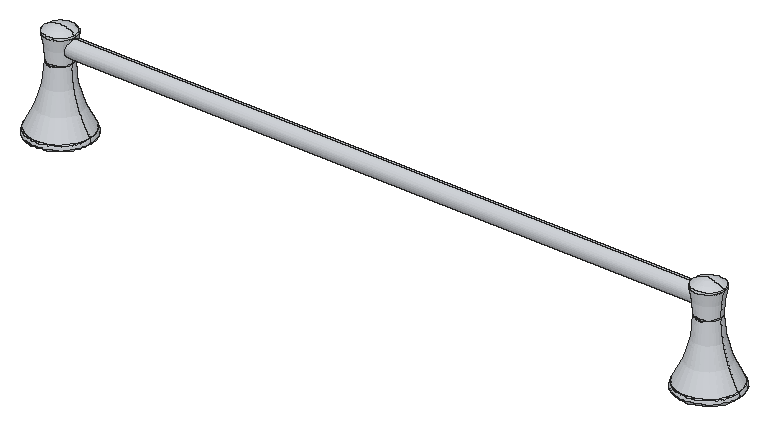
Revit family "Accessory-Towel_Bar-KOHLER-Coralais-K-13431", category Generic Models, host Face, Revit 2015
Parameters (values of type "CP-Polished Chrome")
  Width = 3 159/256"  # constant formula
  URL = "https://www.us.kohler.com/us/"
  Type = 1
  Product Page URL = "http://www.us.kohler.com/us/catalog/productDetails.jsp?productNumber=13431"
  Product Name = "Coralais"  # constant formula
  Product Documentation Link = "http://www.us.kohler.com/onlinecatalog/pdf/K-13431_spec.pdf"
  Model = if(Type = 1, "K-13431-CP", if(Type = 2, "K-13431-G", if(Type = 3, "K-13431-BN", "NA")))  # "K-13431-CP"
  Material = "Premium metal construction"  # constant formula
  MasterFormat 2004 = "10.28.13"  # constant formula
  MasterFormat 1995 = "10820"  # constant formula
  Manufacturer Address = "444 Highland Dr, Kohler, WI 53044"  # constant formula
  Manufacturer = "KOHLER Co."  # constant formula
  Length = 26 67/256"  # constant formula
  Height = 2 31/128"  # constant formula
  Finish = Kohler-Metal-CP-Polished_Chrome
  Environmental Product Declaration = ""
  Description = "Coralais® 24 Inch towel bar"  # constant formula
  Default Elevation = 42"
  Declare Label = ""
  Date Modified = "12/05/2017"  # constant formula
  Date Created = "12/05/2017"  # constant formula
  Copyright = "Copyright KOHLER Co."  # constant formula
  Contact Us = "https://www.us.kohler.com/us/static/contact.jsp"
  Assembly Code = "C1030200"
  ADA = yes
Types (4): name | Type | Model | Finish
  (no name) | 1 | "K-13431-CP" | Kohler-Metal-CP-Polished_Chrome
  CP-Polished Chrome | 1 | "K-13431-CP" | Kohler-Metal-CP-Polished_Chrome
  G-Brushed Chrome | 2 | "K-13431-G" | Kohler-Metal-G-Brushed_Chrome
  BN-Vibrant Brushed Nickel | 3 | "K-13431-BN" | Kohler-Metal-BN-Vibrant_Brushed_Nickel
Reference planes (in)
  plane 1 "Center (Front/Back)": y = 0
  plane 2: z = 0
  plane 3 "Center (Left/Right)": x = 0
  plane 4: x = -13.13086
  plane 5: x = 13.13086
  plane 6: y = 1.12109
  plane 7: y = -1.12109
  plane 8: z = 3.62109
Dimensions and locks (in)
  equal spacing: plane 4, plane 3 "Center (Left/Right)", plane 5
  "Length": plane 4 to plane 5
  equal spacing: plane 6, plane 1 "Center (Front/Back)", plane 7
  "Height": plane 6 to plane 7
  "Width": plane 8 to plane 2
  aligned and locked: plane 2 to host face
  aligned and locked: level to host face
Automatic sketch dimensions
  host sketch curve to host sketch curve = 96"  (x2)
Nested families (in)
  nested 1: "K-13431" at (0, 0, 0), type "K-13431"
Definition of nested family "K-13431"
  Parameters (values of type "K-13431")
    Material = none
    Half Distance = Center Distance / 2  # 12"
    Center Distance = 24"
  Reference planes (in)
    plane 1 "Center (Front/Back)": y = 0
    plane 2: z = 0
    plane 3 "Center (Left/Right)": x = 0
  Forms (in)
    Revolve 1, solid, material <- "Material"
      sketch origin (0, 0, 0) x (1, 0, 0) y (0, 0, 1)
        loop
          line (-12, 0) -> (-12, 3.59968)
          arc (-12, 3.59968) -> (-12.29293, 3.53546) -> (-12.55301, 3.38616) r 0.98617
          arc (-12.55301, 3.38616) -> (-12.56686, 3.36635) -> (-12.56774, 3.3422) r 0.0427
          arc (-12.56774, 3.3422) -> (-12.48155, 2.88907) -> (-12.45267, 2.42872) r 3.68357
          arc (-12.45267, 2.42872) -> (-12.44361, 2.40586) -> (-12.42133, 2.39543) r 0.03334
          arc (-12.42133, 2.39543) -> (-12.43905, 2.39236) -> (-12.45241, 2.38033) r 0.03248
          arc (-12.45241, 2.38033) -> (-12.61657, 1.24072) -> (-13.09571, 0.19378) r 4.03767
          line (-13.09571, 0.19378) -> (-13.04716, 0.17013) -> (-13.09008, 0.17013)
          arc (-13.09008, 0.17013) -> (-13.10663, 0.16525) -> (-13.11788, 0.15218) r 0.0305
          arc (-13.11788, 0.15218) -> (-13.13993, 0.08806) -> (-13.14982, 0.02098) r 0.36724
          arc (-13.14982, 0.02098) -> (-13.1444, 0.00621) -> (-13.12995, 0) r 0.0199
          line (-13.12995, 0) -> (-12, 0)
        axis (-12, 3.59968) -> (-12, 0)
      angle from 0 to 360
    Revolve 2, solid, material <- "Material"
      sketch origin (0, 0, 0) x (-1, 0, 0) y (0, 0, 1)
        loop
          line (-12, 0) -> (-12, 3.59968)
          arc (-12, 3.59968) -> (-12.29293, 3.53546) -> (-12.55301, 3.38616) r 0.98617
          arc (-12.55301, 3.38616) -> (-12.56686, 3.36635) -> (-12.56774, 3.3422) r 0.0427
          arc (-12.56774, 3.3422) -> (-12.48155, 2.88907) -> (-12.45267, 2.42872) r 3.68357
          arc (-12.45267, 2.42872) -> (-12.44361, 2.40586) -> (-12.42133, 2.39543) r 0.03334
          arc (-12.42133, 2.39543) -> (-12.43905, 2.39236) -> (-12.45241, 2.38033) r 0.03248
          arc (-12.45241, 2.38033) -> (-12.61657, 1.24072) -> (-13.09571, 0.19378) r 4.03767
          line (-13.09571, 0.19378) -> (-13.04716, 0.17013) -> (-13.09008, 0.17013)
          arc (-13.09008, 0.17013) -> (-13.10663, 0.16525) -> (-13.11788, 0.15218) r 0.0305
          arc (-13.11788, 0.15218) -> (-13.13993, 0.08806) -> (-13.14982, 0.02098) r 0.36724
          arc (-13.14982, 0.02098) -> (-13.1444, 0.00621) -> (-13.12995, 0) r 0.0199
          line (-13.12995, 0) -> (-12, 0)
        axis (-12, 3.59968) -> (-12, 0)
      angle from 0 to 360
    Revolve 3, solid, material <- "Material"
      sketch origin (0, 0, 0) x (1, 0, 0) y (0, 0, 1)
        loop
          line (-12, 2.96022) -> (12, 2.96022) -> (12, 3.27245) -> (-12, 3.27245) -> (-12, 2.96022)
        axis (-12, 2.96022) -> (12, 2.96022)
      angle from 0 to 360
  Cuts and joins
    joined: Revolve 1, Revolve 2, Revolve 3
  Lines and regions (in)
    Masking region 1
      outline origin (0, 0, 0) x (0, 1, 0) y (0, 0, 1)
        loop
          line (0, 0) -> (1.12995, 0)
          arc (1.12995, 0) -> (1.1444, 0.00621) -> (1.14982, 0.02098) r 0.0199
          arc (1.14982, 0.02098) -> (1.13993, 0.08806) -> (1.11788, 0.15218) r 0.36724
          arc (1.11788, 0.15218) -> (1.10663, 0.16525) -> (1.09008, 0.17013) r 0.0305
          line (1.09008, 0.17013) -> (1.04716, 0.17013) -> (1.09571, 0.19378)
          arc (1.09571, 0.19378) -> (0.61657, 1.24072) -> (0.45241, 2.38033) r 4.03767
          arc (0.45241, 2.38033) -> (0.43905, 2.39236) -> (0.42133, 2.39543) r 0.03248
          arc (0.42133, 2.39543) -> (0.44361, 2.40586) -> (0.45267, 2.42872) r 0.03334
          arc (0.45267, 2.42872) -> (0.48155, 2.88907) -> (0.56774, 3.3422) r 3.68357
          arc (0.56774, 3.3422) -> (0.56686, 3.36635) -> (0.55301, 3.38616) r 0.0427
          arc (0.55301, 3.38616) -> (0.29293, 3.53546) -> (0, 3.59968) r 0.98617
          arc (0, 3.59968) -> (-0.29293, 3.53546) -> (-0.55301, 3.38616) r 0.98617
          arc (-0.55301, 3.38616) -> (-0.56686, 3.36635) -> (-0.56774, 3.3422) r 0.0427
          arc (-0.56774, 3.3422) -> (-0.48155, 2.88907) -> (-0.45267, 2.42872) r 3.68357
          arc (-0.45267, 2.42872) -> (-0.44361, 2.40586) -> (-0.42133, 2.39543) r 0.03334
          arc (-0.42133, 2.39543) -> (-0.43905, 2.39236) -> (-0.45241, 2.38033) r 0.03248
          arc (-0.45241, 2.38033) -> (-0.61657, 1.24072) -> (-1.09571, 0.19378) r 4.03767
          line (-1.09571, 0.19378) -> (-1.04716, 0.17013) -> (-1.09008, 0.17013)
          arc (-1.09008, 0.17013) -> (-1.10663, 0.16525) -> (-1.11788, 0.15218) r 0.0305
          arc (-1.11788, 0.15218) -> (-1.13993, 0.08806) -> (-1.14982, 0.02098) r 0.36724
          arc (-1.14982, 0.02098) -> (-1.1444, 0.00621) -> (-1.12995, 0) r 0.0199
          line (-1.12995, 0) -> (0, 0)
    Masking region 2
      outline origin (0, 0, 0) x (1, 0, 0) y (0, 1, 0)
        loop
          arc (-10.89114, 0.31248) -> (-13.15205, 0) -> (-10.89114, -0.31248) r 1.15205
          line (-10.89114, -0.31248) -> (0, -0.31248) -> (10.89114, -0.31248)
          arc (10.89114, -0.31248) -> (13.15205, 0) -> (10.89114, 0.31248) r 1.15205
          line (10.89114, 0.31248) -> (0, 0.31248) -> (-10.89114, 0.31248)
    Masking region 3
      outline origin (0, 0, 0) x (1, 0, 0) y (0, 0, 1)
        loop
          line (12, 0) -> (13.12995, 0)
          arc (13.12995, 0) -> (13.1444, 0.00621) -> (13.14982, 0.02098) r 0.0199
          arc (13.14982, 0.02098) -> (13.13993, 0.08806) -> (13.11788, 0.15218) r 0.36724
          arc (13.11788, 0.15218) -> (13.10663, 0.16525) -> (13.09008, 0.17013) r 0.0305
          line (13.09008, 0.17013) -> (13.04716, 0.17013) -> (13.09571, 0.19378)
          arc (13.09571, 0.19378) -> (12.61657, 1.24072) -> (12.45241, 2.38033) r 4.03767
          arc (12.45241, 2.38033) -> (12.43905, 2.39236) -> (12.42133, 2.39543) r 0.03248
          arc (12.42133, 2.39543) -> (12.44361, 2.40586) -> (12.45267, 2.42872) r 0.03334
          arc (12.45267, 2.42872) -> (12.48155, 2.88907) -> (12.56774, 3.3422) r 3.68357
          arc (12.56774, 3.3422) -> (12.56686, 3.36635) -> (12.55301, 3.38616) r 0.0427
          arc (12.55301, 3.38616) -> (12.29293, 3.53546) -> (12, 3.59968) r 0.98617
          arc (12, 3.59968) -> (11.70707, 3.53546) -> (11.44699, 3.38616) r 0.98617
          arc (11.44699, 3.38616) -> (11.43314, 3.36635) -> (11.43226, 3.3422) r 0.0427
          arc (11.43226, 3.3422) -> (11.441, 3.30737) -> (11.44939, 3.27245) r 3.68357
          line (11.44939, 3.27245) -> (-11.44939, 3.27245)
          arc (-11.44939, 3.27245) -> (-11.441, 3.30737) -> (-11.43226, 3.3422) r 3.68357
          arc (-11.43226, 3.3422) -> (-11.43314, 3.36635) -> (-11.44699, 3.38616) r 0.0427
          arc (-11.44699, 3.38616) -> (-11.70707, 3.53546) -> (-12, 3.59968) r 0.98617
          arc (-12, 3.59968) -> (-12.29293, 3.53546) -> (-12.55301, 3.38616) r 0.98617
          arc (-12.55301, 3.38616) -> (-12.56686, 3.36635) -> (-12.56774, 3.3422) r 0.0427
          arc (-12.56774, 3.3422) -> (-12.48155, 2.88907) -> (-12.45267, 2.42872) r 3.68357
          arc (-12.45267, 2.42872) -> (-12.44361, 2.40586) -> (-12.42133, 2.39543) r 0.03334
          arc (-12.42133, 2.39543) -> (-12.43905, 2.39236) -> (-12.45241, 2.38033) r 0.03248
          arc (-12.45241, 2.38033) -> (-12.61657, 1.24072) -> (-13.09571, 0.19378) r 4.03767
          line (-13.09571, 0.19378) -> (-13.04716, 0.17013) -> (-13.09008, 0.17013)
          arc (-13.09008, 0.17013) -> (-13.10663, 0.16525) -> (-13.11788, 0.15218) r 0.0305
          arc (-13.11788, 0.15218) -> (-13.13993, 0.08806) -> (-13.14982, 0.02098) r 0.36724
          arc (-13.14982, 0.02098) -> (-13.1444, 0.00621) -> (-13.12995, 0) r 0.0199
          line (-13.12995, 0) -> (-12, 0) -> (-10.87005, 0)
          arc (-10.87005, 0) -> (-10.8556, 0.00621) -> (-10.85018, 0.02098) r 0.0199
          arc (-10.85018, 0.02098) -> (-10.86007, 0.08806) -> (-10.88212, 0.15218) r 0.36724
          arc (-10.88212, 0.15218) -> (-10.89337, 0.16525) -> (-10.90992, 0.17013) r 0.0305
          line (-10.90992, 0.17013) -> (-10.95284, 0.17013) -> (-10.90429, 0.19378)
          arc (-10.90429, 0.19378) -> (-11.38343, 1.24072) -> (-11.54759, 2.38033) r 4.03767
          arc (-11.54759, 2.38033) -> (-11.56095, 2.39236) -> (-11.57867, 2.39543) r 0.03248
          arc (-11.57867, 2.39543) -> (-11.55639, 2.40586) -> (-11.54733, 2.42872) r 0.03334
          arc (-11.54733, 2.42872) -> (-11.54569, 2.53841) -> (-11.54079, 2.648) r 3.68357
          line (-11.54079, 2.648) -> (11.54079, 2.648)
          arc (11.54079, 2.648) -> (11.54569, 2.53841) -> (11.54733, 2.42872) r 3.68357
          arc (11.54733, 2.42872) -> (11.55639, 2.40586) -> (11.57867, 2.39543) r 0.03334
          arc (11.57867, 2.39543) -> (11.56095, 2.39236) -> (11.54759, 2.38033) r 0.03248
          arc (11.54759, 2.38033) -> (11.38343, 1.24072) -> (10.90429, 0.19378) r 4.03767
          line (10.90429, 0.19378) -> (10.95284, 0.17013) -> (10.90992, 0.17013)
          arc (10.90992, 0.17013) -> (10.89337, 0.16525) -> (10.88212, 0.15218) r 0.0305
          arc (10.88212, 0.15218) -> (10.86007, 0.08806) -> (10.85018, 0.02098) r 0.36724
          arc (10.85018, 0.02098) -> (10.8556, 0.00621) -> (10.87005, 0) r 0.0199
          line (10.87005, 0) -> (12, 0)
    symbolic lines, detail levels medium+fine
      curve 1: line (-11.54079, 0, 2.648) -> (-11.44939, 0, 3.27245)
      curve 2: line (11.44939, 0, 3.27245) -> (11.54079, 0, 2.648)
      curve 3: line (11.57867, 0, 2.39543) -> (12.42133, 0, 2.39543)
      curve 4: line (13.09008, 0, 0.17013) -> (10.90992, 0, 0.17013)
      curve 5: line (-11.57867, 0, 2.39543) -> (-12.42133, 0, 2.39543)
      curve 6: line (-13.09008, 0, 0.17013) -> (-10.90992, 0, 0.17013)
      curve 7: line (0, 0, 0.17013) -> (0, 1.09008, 0.17013)
      curve 8: line (0, -1.09008, 0.17013) -> (0, 0, 0.17013)
      curve 9: line (0, 0.42133, 2.39543) -> (0, -0.42133, 2.39543)
      curve 10: arc (-13.09571, 0, 0) -> (-12.15809, -1.08425, 0) -> (-10.94991, -0.31287, 0) r 1.09571
      curve 11: arc (13.09571, 0, 0) -> (12.15796, 1.08427, 0) -> (10.94983, 0.31262, 0) r 1.09571
      curve 12: arc (-10.95015, 0.31368, 0) -> (-12.15851, 1.08419, 0) -> (-13.09571, 0, 0) r 1.09571
      curve 13: arc (10.94982, -0.31257, 0) -> (12.15793, -1.08427, 0) -> (13.09571, 0, 0) r 1.09571
      curve 14: circle (-12, 0, 0) r 0.57437 normal (0, 0, 1)
      curve 15: circle (12, 0, 0) r 0.57035 normal (0, 0, 1)
      curve 16: line (-10.64463, 0.31368, 0) -> (-11.51885, 0.31368, 0)
      curve 17: line (-10.51833, -0.31287, 0) -> (-11.51833, -0.31287, 0)
      curve 18: line (10.18983, -0.31257, 0) -> (11.52292, -0.31257, 0)
      curve 19: line (10.23189, 0.31262, 0) -> (11.52295, 0.31262, 0)
  Dimensions and locks (in)
    equal spacing: Revolve 3 sketch curve, plane 3 "Center (Left/Right)", Revolve 3 sketch curve
    "Center Distance": Revolve 3 sketch curve to Revolve 3 sketch curve
    "Half Distance": plane 3 "Center (Left/Right)" to Revolve 1 sketch curve
    "Half Distance": Revolve 2 sketch curve to plane 3 "Center (Left/Right)"
    "Half Distance": curve 10 to plane 3 "Center (Left/Right)"
    "Half Distance": plane 3 "Center (Left/Right)" to curve 13
    "Center Distance": Masking region 2 sketch curve to curve 15
    equal spacing: Masking region 2 sketch curve, plane 3 "Center (Left/Right)", Masking region 2 sketch curve
    aligned and locked: plane 2 to level
  Automatic sketch dimensions
    Revolve 2 sketch curve to level = 0"  (x2)
    Revolve 2 sketch curve to level = 2.38033"
    Revolve 2 sketch curve to Revolve 2 sketch curve = 0.35383"
    Revolve 2 sketch curve to level = 0.0199"
    Revolve 2 sketch curve to Revolve 2 sketch curve = 3.0063"
    Revolve 2 sketch curve to level = 0.19378"
    Revolve 2 sketch curve to Revolve 2 sketch curve = 0.03423"
    Revolve 2 sketch curve to Revolve 2 sketch curve = 0.00564"
    Revolve 2 sketch curve to Revolve 2 sketch curve = 0.04292"
    Revolve 2 sketch curve to level = 0.00118"
    Revolve 2 sketch curve to Revolve 2 sketch curve = 0.26404"
    Revolve 2 sketch curve to Revolve 2 sketch curve = 0.07396"
    Revolve 2 sketch curve to Revolve 2 sketch curve = 0.02756"
    Revolve 2 sketch curve to Revolve 2 sketch curve = 0.03308"
    Revolve 2 sketch curve to Revolve 2 sketch curve = 0.78312"
    Revolve 2 sketch curve to Revolve 2 sketch curve = 0.48161"
    Revolve 2 sketch curve to Revolve 2 sketch curve = 0.05414"
    Revolve 2 sketch curve to Revolve 2 sketch curve = 0.02364"
    Revolve 2 sketch curve to Revolve 2 sketch curve = 0.01718"
    Revolve 2 sketch curve to Revolve 2 sketch curve = 0.04838"
    Revolve 2 sketch curve to Revolve 2 sketch curve = 0.18676"
    Revolve 2 sketch curve to Revolve 2 sketch curve = 0.92408"
    Revolve 2 sketch curve to Revolve 2 sketch curve = 0.24689"
    Revolve 2 sketch curve to Revolve 2 sketch curve = 0"  (x4)
    Revolve 2 sketch curve to Revolve 2 sketch curve = 0.04137"
    Revolve 2 sketch curve to Revolve 2 sketch curve = 0.89496"
    Revolve 1 sketch curve to level = 0"  (x2)
    Revolve 1 sketch curve to Revolve 1 sketch curve = 0.41933"
    Revolve 1 sketch curve to Revolve 1 sketch curve = 0.00552"
    Revolve 1 sketch curve to Revolve 1 sketch curve = 0.52637"
    level to Revolve 1 sketch curve = 0.00118"
    Revolve 1 sketch curve to Revolve 1 sketch curve = 0.78312"
    level to Revolve 1 sketch curve = 0.17013"
    Revolve 1 sketch curve to Revolve 1 sketch curve = 0.26404"
    Revolve 1 sketch curve to Revolve 1 sketch curve = 0.04292"
    level to Revolve 1 sketch curve = 0.19378"
    Revolve 1 sketch curve to Revolve 1 sketch curve = 0.00564"
    Revolve 1 sketch curve to Revolve 1 sketch curve = 0.03987"
    Revolve 1 sketch curve to Revolve 1 sketch curve = 3.71139"
    Revolve 1 sketch curve to Revolve 1 sketch curve = 0.35383"
    Revolve 1 sketch curve to Revolve 1 sketch curve = 0.48161"
    Revolve 1 sketch curve to Revolve 1 sketch curve = 0.0199"
    Revolve 1 sketch curve to Revolve 1 sketch curve = 0.0305"
    Revolve 1 sketch curve to Revolve 1 sketch curve = 2.16937"
    level to Revolve 1 sketch curve = 2.38033"
    Revolve 1 sketch curve to Revolve 1 sketch curve = 0.04838"
    Revolve 1 sketch curve to Revolve 1 sketch curve = 0.18676"
    Revolve 1 sketch curve to Revolve 1 sketch curve = 0.92408"
    Revolve 1 sketch curve to Revolve 1 sketch curve = 0.24689"
    Revolve 1 sketch curve to Revolve 1 sketch curve = 0.00352"
    Revolve 1 sketch curve to Revolve 1 sketch curve = 0"  (x4)
    Revolve 1 sketch curve to level = 0.89496"
    level to Revolve 3 sketch curve = 2.96022"
    Revolve 3 sketch curve to Revolve 3 sketch curve = 0.31223"
    Revolve 3 sketch curve to Revolve 3 sketch curve = 0"  (x2)
    Revolve 3 sketch curve to Revolve 3 sketch curve = 2 1/2"
    Masking region 1 sketch curve to level = 0"
    Masking region 1 sketch curve to plane 1 "Center (Front/Back)" = 0"  (x2)
    plane 1 "Center (Front/Back)" to Masking region 1 sketch curve = 0.06228"
    Masking region 1 sketch curve to Masking region 1 sketch curve = 0.35706"  (x2)
    Masking region 1 sketch curve to Masking region 1 sketch curve = 0.00552"  (x2)
    plane 1 "Center (Front/Back)" to Masking region 1 sketch curve = 0.52637"
    level to Masking region 1 sketch curve = 0.00118"  (x2)
    plane 1 "Center (Front/Back)" to Masking region 1 sketch curve = 0.78312"
    Masking region 1 sketch curve to Masking region 1 sketch curve = 0.26404"  (x2)
    Masking region 1 sketch curve to Masking region 1 sketch curve = 0.04292"  (x2)
    level to Masking region 1 sketch curve = 0.19378"  (x2)
    Masking region 1 sketch curve to Masking region 1 sketch curve = 0.00564"  (x2)
    level to Masking region 1 sketch curve = 0.0199"  (x2)
    Masking region 1 sketch curve to Masking region 1 sketch curve = 0.03987"  (x2)
    Masking region 1 sketch curve to Masking region 1 sketch curve = 3.71139"  (x2)
    Masking region 1 sketch curve to Masking region 1 sketch curve = 0.35383"  (x2)
    Masking region 1 sketch curve to plane 1 "Center (Front/Back)" = 0.06228"
    Masking region 1 sketch curve to plane 1 "Center (Front/Back)" = 0.52637"
    Masking region 1 sketch curve to plane 1 "Center (Front/Back)" = 0.78312"
    Masking region 1 sketch curve to Masking region 1 sketch curve = 0.05414"  (x2)
    Masking region 1 sketch curve to Masking region 1 sketch curve = 0.0305"  (x2)
    Masking region 1 sketch curve to Masking region 1 sketch curve = 2.16937"
    Masking region 1 sketch curve to Masking region 1 sketch curve = 0"  (x8)
    level to Masking region 1 sketch curve = 2.38033"  (x2)
    Masking region 1 sketch curve to Masking region 1 sketch curve = 0.04838"  (x2)
    Masking region 1 sketch curve to Masking region 1 sketch curve = 0.18676"
    Masking region 1 sketch curve to Masking region 1 sketch curve = 0.73732"  (x2)
    Masking region 1 sketch curve to Masking region 1 sketch curve = 0.00352"  (x2)
    Masking region 1 sketch curve to Masking region 1 sketch curve = 0.02664"
    curve 8 to plane 1 "Center (Front/Back)" = 0"
    level to curve 8 = 0.17013"
    plane 1 "Center (Front/Back)" to curve 9 = 0.42133"
    plane 1 "Center (Front/Back)" to curve 8 = 1.09008"
    curve 9 to plane 1 "Center (Front/Back)" = 0.42133"
    curve 7 to curve 7 = 1.09008"
    curve 7 to curve 9 = 2.2253"
    plane 1 "Center (Front/Back)" to Masking region 2 sketch curve = 0"  (x2)
    Masking region 2 sketch curve to plane 3 "Center (Left/Right)" = 0"  (x2)
    plane 1 "Center (Front/Back)" to Masking region 2 sketch curve = 5/16"
    Masking region 2 sketch curve to plane 1 "Center (Front/Back)" = 5/16"
    Masking region 2 sketch curve to Masking region 2 sketch curve = 1.10886"  (x2)
    curve 10 to curve 12 = 0"
    curve 10 to curve 14 = 0"
    curve 11 to curve 13 = 0"
    curve 11 to curve 15 = 0"  (x2)
    curve 12 to curve 14 = 0"
    plane 1 "Center (Front/Back)" to curve 10 = 0"
    plane 1 "Center (Front/Back)" to curve 13 = 0"
    curve 12 to curve 10 = 1.09571"
    curve 10 to curve 16 = 0.48115"
    plane 1 "Center (Front/Back)" to curve 17 = 0.31287"
    curve 17 to curve 10 = 0.56842"
    curve 12 to curve 16 = 0.30552"
    curve 10 to curve 17 = 0.43158"
    plane 1 "Center (Front/Back)" to curve 18 = 0.31257"
    curve 18 to curve 13 = 1.81017"
    curve 19 to plane 1 "Center (Front/Back)" = 0.31262"
    curve 18 to curve 19 = 0.04206"
    curve 18 to curve 13 = 0.75999"
    curve 19 to curve 11 = 0.47705"
    Masking region 3 sketch curve to Masking region 3 sketch curve = 0"  (x22)
    Masking region 3 sketch curve to level = 0"  (x2)
    Masking region 3 sketch curve to plane 3 "Center (Left/Right)" = 16.49008"
    Masking region 3 sketch curve to Masking region 3 sketch curve = 0.35383"  (x4)
    level to Masking region 3 sketch curve = 0.19378"  (x4)
    Masking region 3 sketch curve to Masking region 3 sketch curve = 0.03423"  (x2)
    Masking region 3 sketch curve to Masking region 3 sketch curve = 0.00564"  (x4)
    level to Masking region 3 sketch curve = 0.17013"  (x3)
    Masking region 3 sketch curve to Masking region 3 sketch curve = 0.04292"  (x4)
    level to Masking region 3 sketch curve = 0.00118"  (x4)
    Masking region 3 sketch curve to Masking region 3 sketch curve = 0.26404"  (x4)
    Masking region 3 sketch curve to Masking region 3 sketch curve = 0.07396"
    Masking region 3 sketch curve to Masking region 3 sketch curve = 0.02756"  (x2)
    Masking region 3 sketch curve to Masking region 3 sketch curve = 0.03308"  (x2)
    Masking region 3 sketch curve to Masking region 3 sketch curve = 0.35706"  (x3)
    Masking region 3 sketch curve to Masking region 3 sketch curve = 0.78312"  (x4)
    Masking region 3 sketch curve to Masking region 3 sketch curve = 0.12455"  (x2)
    Masking region 3 sketch curve to Masking region 3 sketch curve = 0.00552"  (x2)
    Masking region 3 sketch curve to Masking region 3 sketch curve = 0.4641"  (x2)
    Masking region 3 sketch curve to Masking region 3 sketch curve = 0.03987"  (x2)
    level to Masking region 3 sketch curve = 2.38033"  (x3)
    plane 3 "Center (Left/Right)" to Masking region 3 sketch curve = 7.50992"
    Masking region 3 sketch curve to Masking region 3 sketch curve = 3.0063"
    Masking region 3 sketch curve to Masking region 3 sketch curve = 0.09819"
    Masking region 3 sketch curve to Masking region 3 sketch curve = 0.02423"  (x2)
    Masking region 3 sketch curve to Masking region 3 sketch curve = 0.0068"
    Masking region 3 sketch curve to Masking region 3 sketch curve = 0.39693"
    level to Masking region 3 sketch curve = 0.0199"  (x3)
    Masking region 3 sketch curve to Masking region 3 sketch curve = 3.71139"
    Masking region 3 sketch curve to Masking region 3 sketch curve = 0.0199"
    Masking region 3 sketch curve to Masking region 3 sketch curve = 0.05414"
    Masking region 3 sketch curve to Masking region 3 sketch curve = 0.0305"  (x4)
    Masking region 3 sketch curve to Masking region 3 sketch curve = 0.01718"  (x3)
    Masking region 3 sketch curve to Masking region 3 sketch curve = 0.04838"  (x4)
    Masking region 3 sketch curve to Masking region 3 sketch curve = 0.18676"  (x2)
    Masking region 3 sketch curve to Masking region 3 sketch curve = 0.62445"
    Masking region 3 sketch curve to Masking region 3 sketch curve = 0.73732"  (x3)
    Masking region 3 sketch curve to Masking region 3 sketch curve = 0.08034"
    Masking region 3 sketch curve to Masking region 3 sketch curve = 0.04137"
    Masking region 3 sketch curve to Masking region 3 sketch curve = 0.52637"  (x2)
    Masking region 3 sketch curve to Masking region 3 sketch curve = 0.00352"  (x2)
    Masking region 3 sketch curve to Masking region 3 sketch curve = 0.00653"
    Masking region 3 sketch curve to Masking region 3 sketch curve = 0.0914"
    Masking region 3 sketch curve to Masking region 3 sketch curve = 0.21928"
